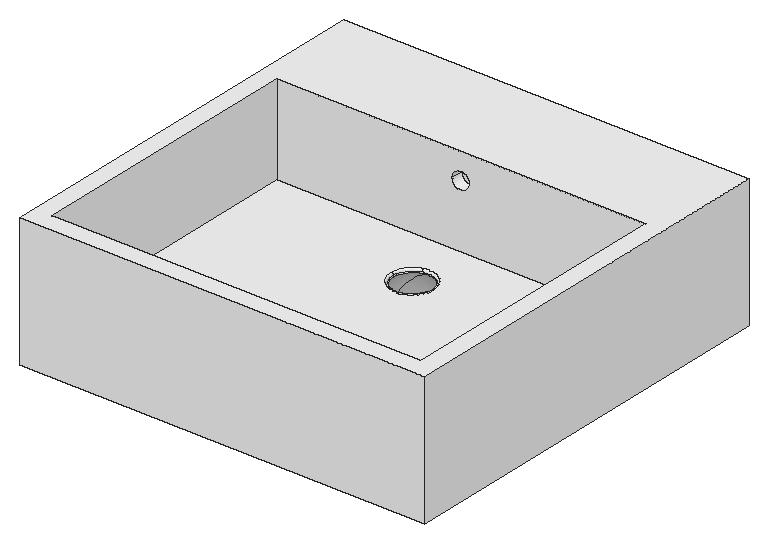
Revit family "SWC_Marden Square 460 sit on Basin 1TH MDWB111 Rev01 - Copy", category Generic Models, Revit 2015
Parameters (values of type "SWC_WHB_MDWB112")
  Spare Parts = "http://www.theswc.co.uk/shop/1-Types"
  Manufacturer URL = "www.theswc.co.uk"
  Product Information = "http://www.theswc.co.uk/assets/shop/products/downloads/mdwb112.pdf"
  URL = ""
  Help = "http://www.theswc.co.uk/contact"
  Phone = "01474 338300"
  Brand = "SanCeram"
  Name = "Marden square 460 basin, NoTH"
  Product SKU = "MDWB112"
  Product Family = "Sanitary"
  Product Group = "vessel basin"
  NBS Reference Code = "N13 - 335"
  NBS Reference Description = "WASH BASINS"
  Weight = "17.5kg"
  Waste type = "Slotted"
  Waste size = "1 1/4\""
  Overflow = "Central Overflow"
  Tap Holes = "No tap hole"
  Basin mounting = "wall or vanity mounted"
  Wash hand basin type = "Hand wash"
  Nominal Depth = "150 mm"
  Nominal Length = "460 mm"
  Nominal Width = "460 mm"
  Primary Finishes = "Alpine White"
  Primary Material = "Vitreous China"
  Secondary Material = "n/a"
Reference planes
  plane 1 "Center (Front/Back)": y = 0
  plane 2: z = 0
  plane 3 "Center (Left/Right)": x = 0
  plane 4: x = -230
  plane 5: x = 230
  plane 6: z = 739.037
  plane 7: y = -162.492
  plane 8: z = 889.037
  plane 9: y = 176.508
  plane 10: y = 299.508
  plane 11: z = 836.996
Forms (mm)
  Extrusion 1, solid, material "Porcelain"
    sketch origin (1911.807, -2331.977, 667.227) x (1, 0, 0) y (0, 1, 0)
      loop
        line (-2141.807, 2629.485) -> (-2141.807, 2169.485) -> (-1681.807, 2169.485) -> (-1681.807, 2629.485) -> (-2141.807, 2629.485)
    from 71.81 to 221.81
  Extrusion 2, void
    sketch origin (1911.807, -2331.977, 889.037) x (0, 1, 0) y (1, 0, 0)
      loop
        line (2508.485, -2121.807) -> (2508.485, -1701.807) -> (2189.485, -1701.807) -> (2189.485, -2121.807) -> (2508.485, -2121.807)
    from 0 to 110
  Extrusion 3, void
    sketch origin (-230, 297.508, 667.227) x (-1, 0, 0) y (0, 0, -1)
      loop
        circle (-230, -191.81) r 10
    from 107.549 to 121
  Extrusion 4, void
    sketch origin (-230, 297.508, 667.227) x (-1, 0, 0) y (0, 0, -1)
      loop
        line (-279, -109.794) -> (-181, -109.794) -> (-181, -71.81) -> (-279, -71.81) -> (-279, -109.794)
    from 0 to 236.105
  Revolve 5, solid, material "Polished Chrome"
    sketch origin (0, 138.9, -61.44) x (0, 1, 0) y (0, 0, 1)
      loop
        line (-31.393, 843.234) -> (-9.527, 843.234) -> (-9.527, 844.922)
        arc (-9.527, 844.922) -> (-20.044, 849.428) -> (-31.393, 850.886) r 41.424
        line (-31.393, 850.886) -> (-31.393, 843.234)
      axis (-31.393, 843.234) -> (-31.393, 850.886)
    angle from 0 to 360
  Revolve 6, solid, material "Porcelain"
    sketch origin (-230, 107.508, 667.227) x (1, 0, 0) y (0, 0, -1)
      loop
        line (261, -71.81) -> (230, -71.81) -> (230, -109.794) -> (268.718, -109.794) -> (261, -71.81)
      axis (230, -71.81) -> (230, -109.794)
    angle from 0 to 360
  Extrusion 7, solid, material "Porcelain"
    sketch origin (1911.807, -2331.977, 889.037) x (1, 0, 0) y (0, 1, 0)
      loop
        line (-2121.807, 2508.485) -> (-2121.807, 2189.485) -> (-1701.807, 2189.485) -> (-1701.807, 2508.485) -> (-2121.807, 2508.485)
    from -110 to -102.195
  Revolve 8, void
    sketch origin (41.66, 107.508, 725.155) x (-1, 0, 0) y (0, 0, -1)
      loop
        line (19.262, -51.866) -> (19.262, -59.687)
        arc (19.262, -59.687) -> (18.676, -61.102) -> (17.262, -61.687) r 2
        line (17.262, -61.687) -> (41.66, -61.687) -> (41.66, -51.866) -> (19.262, -51.866)
      axis (41.66, -51.866) -> (41.66, -61.687)
    angle from 0 to 360
  Extrusion 9, solid, material "Porcelain"
    sketch origin (-437.897, 297.508, 672.887) x (1, 0, 0) y (0, 0, -1)
      loop
        circle (513.897, -164.15) r 14
      loop
        circle (361.897, -164.15) r 14
    from 0 to 2
Cuts and joins
  Extrusion 2, Extrusion 3, Extrusion 4, Revolve 8 cuts Extrusion 1
  Revolve 8 cuts Extrusion 7
Dimensions and locks
  aligned and locked: level to plane 2
